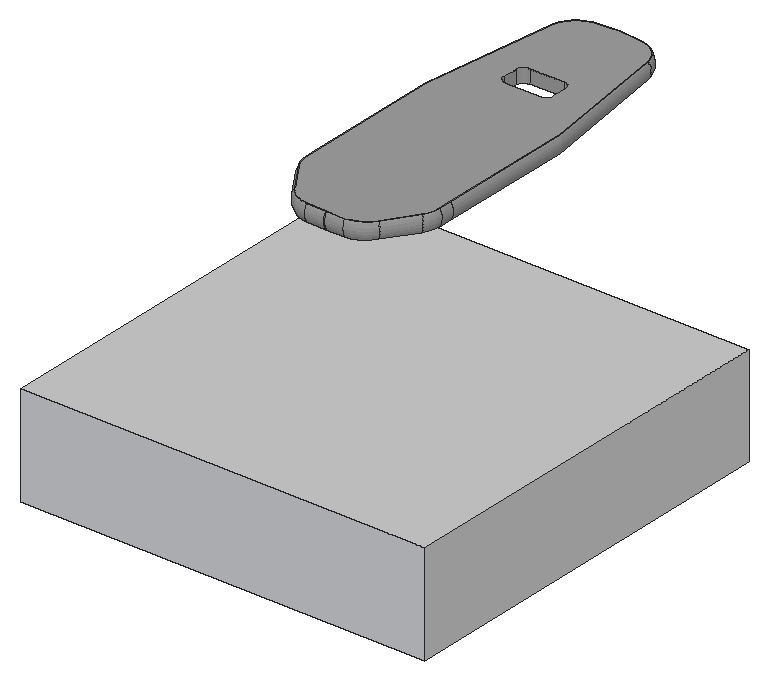
Revit family "DOMO SENSIA U", category Aparatos sanitarios, Revit 2015
Parameters (values of type "79500")
  URL = "http://www.prestoiberica.com/urinario/electronicos/presto-domo-sensia-u?c=es"
  Teléfono = "(+34) 915 782 575"
  TIPO DE AGUA = ""
  REFERENCIA = "79500"
  Presión Máxima = "8 bar"
  PESO BRUTO = "1.100 Kg"
  Modelo = "PRESTO DOMO SENSIA U"
  Material = LATON NIQUELADO
  Imagen de tipo = <Ninguno>
  Fabricante = "PRESTO IBÉRICA"
  Default Elevation = 1219.2 mm
  ENTRADA = "Macho 1/2\""
  Descripción = "Grifo electrónico para urinario, fijación mural."
  Código de montaje = "C1030220"
  Contacto = "info@prestoiberica.com"
  Conexión AF = yes
  Conexión AC = yes
  Comentarios de tipo = "roceso automático de adaptación al medio\r\n◦Llave de paso integrada\r\n◦Pack de batería estanco IP65 compuesto por una batería de 6 V\r\n◦Intercambiable con grifos PRESTO: 12, 12 A, 312, 312 A, 12 PS, 12 A PS, 312 PS, 312 A PS\r\n◦Presión de uso recomendada: 1-5 bar (min, 0,8 – max 8 bar)\r\n◦Peso bruto: 1,100 kg\r\n◦Ahorro de agua y energía\r\n◦Componentes integrados: mantenimiento sencillo y excelente estanqueidad\r\n◦Conexiones internas estancas\r\n◦Cierre automático en caso de pila agotada, indicación de batería baja mediante LED de comunicación\r\n◦Aclarado automático cada 24h\r\n◦Indicador de batería baja mediante LED de comunicación\r\n◦Suministrado con: Batería CPR2\r\n◦Embellecedor\r\n◦Tubo de efecto agua de Ø 16 mm"
  CIERRE = ""
  CAUDAL = "1 L/Min"
  Accionamiento = ""
Reference planes
  plane 1 "Centro (Frontal/Posterior)": y = 0
  plane 2: z = 0
  plane 3 "Centro (Izquierda/Derecha)": x = 0
Forms (mm)
  Extrusion 1, solid
    sketch origin (0, 0, 0) x (1, 0, 0) y (0, 1, 0)
      loop
        line (-100, 100) -> (-100, -100) -> (100, -100) -> (100, 100) -> (-100, 100)
    from 0 to -50
  Extrusion 2, solid, material "CROMADO MATE"
    sketch origin (0, 0, 86) x (0, -1, 0) y (1, 0, 0)
      loop
        arc (-133.448, 23.532) -> (-140.566, 19.637) -> (-144.398, 12.484) r 14.232
        arc (-144.398, 12.484) -> (-145.341, 6.274) -> (-145.631, 0) r 60.234
        arc (-145.631, 0) -> (-145.341, -6.274) -> (-144.398, -12.484) r 60.234
        arc (-144.398, -12.484) -> (-140.566, -19.637) -> (-133.448, -23.532) r 14.232
        arc (-133.448, -23.532) -> (-67.055, -32.939) -> (0, -32.864) r 473.09
        line (0, -32.864) -> (6.8, -32.864)
        arc (6.8, -32.864) -> (10.996, -32.241) -> (14.829, -30.427) r 14.447
        line (14.829, -30.427) -> (29.405, -20.684)
        arc (29.405, -20.684) -> (33.995, -15.844) -> (36.054, -9.5) r 15.11
        line (36.054, -9.5) -> (36.054, 0) -> (36.054, 9.5)
        arc (36.054, 9.5) -> (33.995, 15.844) -> (29.405, 20.684) r 15.11
        line (29.405, 20.684) -> (14.829, 30.427)
        arc (14.829, 30.427) -> (10.996, 32.241) -> (6.8, 32.864) r 14.447
        line (6.8, 32.864) -> (0, 32.864)
        arc (0, 32.864) -> (-67.055, 32.939) -> (-133.448, 23.532) r 473.09
      loop
        arc (-100.615, -8.484) -> (-99.443, -11.313) -> (-96.615, -12.484) r 4
        line (-96.615, -12.484) -> (-89.615, -12.484)
        arc (-89.615, -12.484) -> (-86.786, -11.313) -> (-85.615, -8.484) r 4
        line (-85.615, -8.484) -> (-85.615, 8.359)
        arc (-85.615, 8.359) -> (-86.786, 11.188) -> (-89.615, 12.359) r 4
        line (-89.615, 12.359) -> (-96.615, 12.359)
        arc (-96.615, 12.359) -> (-99.443, 11.188) -> (-100.615, 8.359) r 4
        line (-100.615, 8.359) -> (-100.615, -8.484)
    from 0 to -6.76
  Sweep 3, solid, material "CROMADO MATE"
    path in 3D
      loop
        line (0, -36.054, 86) -> (9.5, -36.054, 86)
        arc (9.5, -36.054, 86) -> (15.844, -33.995, 86) -> (20.684, -29.405, 86) r 15.11
        line (20.684, -29.405, 86) -> (30.427, -14.829, 86)
        arc (30.427, -14.829, 86) -> (32.241, -10.996, 86) -> (32.864, -6.8, 86) r 14.447
        line (32.864, -6.8, 86) -> (32.864, 0, 86)
        arc (32.864, 0, 86) -> (32.939, 67.055, 86) -> (23.532, 133.448, 86) r 473.09
        arc (23.532, 133.448, 86) -> (19.637, 140.566, 86) -> (12.484, 144.398, 86) r 14.232
        arc (12.484, 144.398, 86) -> (6.274, 145.341, 86) -> (0, 145.631, 86) r 60.234
    profile origin (32.939, 67.055, 86) x (-0.997564, -0.069756, 0) y (0, 0, 1)
      loop
        arc (0, 0) -> (-1.245, -4.133) -> (0, -8.266) r 7.481
        line (0, -8.266) -> (0, 0)
  Sweep 4, solid, material "CROMADO MATE"
    path in 3D
      loop
        line (0, -36.054, 86) -> (-9.5, -36.054, 86)
        arc (-9.5, -36.054, 86) -> (-15.844, -33.995, 86) -> (-20.684, -29.405, 86) r 15.11
        line (-20.684, -29.405, 86) -> (-30.427, -14.829, 86)
        arc (-30.427, -14.829, 86) -> (-32.241, -10.996, 86) -> (-32.864, -6.8, 86) r 14.447
        line (-32.864, -6.8, 86) -> (-32.864, 0, 86)
        arc (-32.864, 0, 86) -> (-32.939, 67.055, 86) -> (-23.532, 133.448, 86) r 473.09
        arc (-23.532, 133.448, 86) -> (-19.637, 140.566, 86) -> (-12.484, 144.398, 86) r 14.232
        arc (-12.484, 144.398, 86) -> (-6.274, 145.341, 86) -> (0, 145.631, 86) r 60.234
    profile origin (-32.939, 67.055, 86) x (-0.997564, 0.069756, 0) y (0, 0, 1)
      loop
        line (0, 0) -> (0, -8.266)
        arc (0, -8.266) -> (1.245, -4.133) -> (0, 0) r 7.481
Lines and regions (mm)
  sketch lines
    curve 1: arc (32.864, 0, 86) -> (32.939, 67.055, 86) -> (23.532, 133.448, 86) r 473.09
    curve 2: line (32.864, 0, 86) -> (32.864, -6.8, 86)
    curve 3: arc (30.427, -14.829, 86) -> (32.241, -10.996, 86) -> (32.864, -6.8, 86) r 14.447
    curve 4: line (30.427, -14.829, 86) -> (20.684, -29.405, 86)
    curve 5: arc (9.5, -36.054, 86) -> (15.844, -33.995, 86) -> (20.684, -29.405, 86) r 15.11
    curve 6: line (9.5, -36.054, 86) -> (0, -36.054, 86)
    curve 7: arc (12.484, 144.398, 86) -> (19.637, 140.566, 86) -> (23.532, 133.448, 86) r 14.232
    curve 8: arc (0, 145.631, 86) -> (6.274, 145.341, 86) -> (12.484, 144.398, 86) r 60.234
    curve 9: arc (-32.864, 0, 86) -> (-32.939, 67.055, 86) -> (-23.532, 133.448, 86) r 473.09
    curve 10: line (-32.864, 0, 86) -> (-32.864, -6.8, 86)
    curve 11: arc (-30.427, -14.829, 86) -> (-32.241, -10.996, 86) -> (-32.864, -6.8, 86) r 14.447
    curve 12: line (-30.427, -14.829, 86) -> (-20.684, -29.405, 86)
    curve 13: arc (-9.5, -36.054, 86) -> (-15.844, -33.995, 86) -> (-20.684, -29.405, 86) r 15.11
    curve 14: line (-9.5, -36.054, 86) -> (0, -36.054, 86)
    curve 15: arc (-12.484, 144.398, 86) -> (-19.637, 140.566, 86) -> (-23.532, 133.448, 86) r 14.232
    curve 16: arc (0, 145.631, 86) -> (-6.274, 145.341, 86) -> (-12.484, 144.398, 86) r 60.234
Dimensions and locks
  Extrusion 1 sketch curve to plane 1 "Centro (Frontal/Posterior)" = 100 mm
  aligned and locked: plane 2 to Extrusion 1
  aligned and locked: level to Extrusion 1
Connectors
  piping at (0, -0.054, -13.8), diameter 12.7
    settings: on import instance, index 1, connector inside diameter 609.6 mm, connector length 0 mm, flow factor 0, pipe flow 0.0 L/s, pressure drop 0.0 Pa, fitting loss kfactor 0, connector angle 0.00°, fixture units 0, engagement length 0 mm, angle of deflection 0.00°, flow configuration 0, flow direction 1, fitting loss method 0, system type 22, joint type 0, gender type 0, connector reference index -1, connector utility 0, adjustable connector no, is connector primary yes, connector description ""
